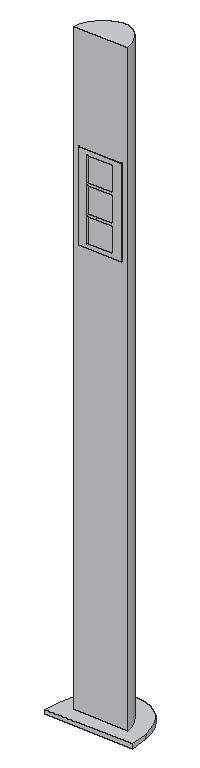
Revit family "Gira_134926", category Electrical Fixtures, host Face, Revit 2017
Family settings
  Host = Face
  Maintain Annotation Orientation = Yes
  Round Connector Dimension = Use Diameter
  Part Type = Normal
  Cut with Voids When Loaded = No
  Shared = No
  Room Calculation Point = No
Parameters (values of type "En.prof. light el. 3x empty u. 769 mm Gira energy profile c.alum.")
  Width = "0,142"
  URL = "http://katalog.gira.de/en/datenblatt.html?artikelnr=134926"
  Switching function = "None"
  Number of socket outlets = "0"
  Name = "En.prof. light el. 3x empty u. 769 mm Gira energy profile c.alum."
  Manufacturer URL = "https://www.gira.de/"
  Manufacturer = "Gira"
  Keynote = ""
  HeinzeBIM = "https://bimportal.heinze.de/bim/en-prof-light-el-3x-empty-u-769-mm-gira-energy-profile-c-alum-/a40324afa74b22731aa2fbd3ee68d81aeb4719b7"
  Height = "0,769"
  HAN = "134926"
  GTIN = "4010337349266"
  Description = "769 mm light 3x empty u. E-pro CAl,Gira energy profile,Light element, 3 empty units, height 769 mm ,colour aluminium,The Gira energy profile and light profiles for outdoor use, with and without light elements. The profiles consist of powder-coated aluminium. For profiles of up to 1400 mm, the feet elements also consist of powder-coated aluminium. For profiles of more than 1400 mm, the feet elements consist of powder-coated steel. Also in the colour anthracite in accordance with the GSB standard. The surface is is resistant to weather, UV rays, dirt and scratches.,,Notes :,- For profile heights up to 1400 mm, an optional ground anchor can be used to facilitate mounting on a stone or concrete base.,- For profile heights of more than 1400 mm, mounting on stone or concrete is only possible using 3 heavy-duty wall anchor.,- Recommendation: Mount an RCCB prior to the device."
  Depth = "0,075"
  Default Elevation = 1219.2 mm
  Data sheet (1) = "https://katalog.gira.de/en/download.html?artikelnr=134926"
  Category = "Light/energy pole"
  BIM (1) = "https://media.stage.bim.site/public/gira/36a6b08/Energiesäule_3fach.rfa?public/gira/36a6b08/Energiesäule_3fach.rfa"
  Available = "No"
Reference planes
  plane 1 "Center (Front/Back)": y = 0
  plane 2: z = 0
  plane 3 "Center (Left/Right)": x = 0
Forms (mm)
  Extrusion 1, solid, detail levels fine
    sketch origin (0, 0, 0) x (1, 0, 0) y (0, 1, 0)
      loop
        arc (-110.443, -35.525) -> (-113.205, -58.763) -> (-114.575, -82.125) r 391.9
        line (-114.575, -82.125) -> (114.575, -82.125)
        arc (114.575, -82.125) -> (113.205, -58.763) -> (110.443, -35.525) r 391.9
        spline (110.443, -35.525) -> (103.119, -6.392) -> (90.176, 19.976) -> (72.318, 42.142) -> (50.519, 58.899) -> (25.967, 69.333) -> (0, 72.875) -> (-25.967, 69.333) -> (-50.519, 58.899) -> (-72.318, 42.142) -> (-90.176, 19.976) -> (-103.119, -6.392) -> (-110.443, -35.525)
      loop
        circle (-21, -1.125) r 16
      loop
        circle (21, -1.125) r 16
    from 0 to 10
  Extrusion 2, solid, detail levels medium+fine
    sketch origin (0, 0, 0) x (1, 0, 0) y (0, 1, 0)
      loop
        line (-71.007, -44.768) -> (71.007, -44.768)
        spline (71.007, -44.768) -> (69.375, -35.583) -> (66.984, -26.66) -> (63.862, -18.098) -> (60.041, -9.991) -> (55.564, -2.426) -> (50.479, 4.513) -> (44.843, 10.75) -> (38.716, 16.217) -> (32.167, 20.856) -> (25.265, 24.614) -> (18.088, 27.45) -> (10.713, 29.335)
        spline (10.713, 29.335) -> (8.658, 29.684) -> (6.596, 29.958) -> (4.528, 30.159) -> (2.457, 30.284) -> (0.384, 30.336) -> (-1.69, 30.312) -> (-3.762, 30.214) -> (-5.831, 30.041) -> (-7.896, 29.794) -> (-9.953, 29.473) -> (-12.003, 29.077) -> (-14.042, 28.609)
        spline (-14.042, 28.609) -> (-21.069, 26.397) -> (-27.883, 23.314) -> (-34.414, 19.39) -> (-40.597, 14.666) -> (-46.369, 9.189) -> (-51.67, 3.014) -> (-56.449, -3.796) -> (-60.655, -11.171) -> (-64.247, -19.038) -> (-67.189, -27.316) -> (-69.45, -35.922) -> (-71.007, -44.768)
    from 10 to 1606
  Extrusion 3, solid, detail levels fine
    sketch origin (0, 0, 0) x (1, 0, 0) y (0, 0, 1)
      loop
        line (-56, 1332) -> (-56, 1101.5) -> (56, 1101.5) -> (56, 1332) -> (-56, 1332)
      loop
        line (33.5, 1321.55) -> (-33.5, 1321.55) -> (-33.5, 1254.55) -> (33.5, 1254.55) -> (33.5, 1321.55)
      loop
        line (33.5, 1250.25) -> (-33.5, 1250.25) -> (-33.5, 1183.25) -> (33.5, 1183.25) -> (33.5, 1250.25)
      loop
        line (33.5, 1178.95) -> (-33.5, 1178.95) -> (-33.5, 1111.95) -> (33.5, 1111.95) -> (33.5, 1178.95)
    from 44.768 to 47
  Extrusion 4, solid, detail levels coarse
    sketch origin (0, 0, 0) x (1, 0, 0) y (0, 1, 0)
      loop
        line (114.575, 72.875) -> (-114.575, 72.875) -> (-114.575, -82.125) -> (114.575, -82.125) -> (114.575, 72.875)
    from 0 to 1616
  Extrusion 5, solid, detail levels medium
    sketch origin (0, 0, 0) x (1, 0, 0) y (0, 1, 0)
      loop
        arc (-110.443, -35.525) -> (-113.205, -58.763) -> (-114.575, -82.125) r 391.9
        line (-114.575, -82.125) -> (114.575, -82.125)
        arc (114.575, -82.125) -> (113.205, -58.763) -> (110.443, -35.525) r 391.9
        spline (110.443, -35.525) -> (103.119, -6.392) -> (90.176, 19.976) -> (72.318, 42.142) -> (50.519, 58.899) -> (25.967, 69.333) -> (0, 72.875) -> (-25.967, 69.333) -> (-50.519, 58.899) -> (-72.318, 42.142) -> (-90.176, 19.976) -> (-103.119, -6.392) -> (-110.443, -35.525)
    from 0 to 10
Dimensions and locks
  aligned and locked: plane 2 to host face
  aligned and locked: level to host face
  aligned and locked: plane 3 "Center (Left/Right)" to nested 1
  aligned and locked: plane 1 "Center (Front/Back)" to nested 1
Nested families
  nested 1: "Steckdose 3-fach Beschriftung" at (0, 0, 0), type "Steckdose 3-fach Beschriftung"
Connectors
  electrical at (0, -4.625, 0)
    settings: on Extrusion 4, index 1, voltage 220 V, apparent load 0 VA, apparent load phase1 0 VA, apparent load phase2 0 VA, apparent load phase3 0 VA, power factor 1, load classification "Other", number of poles 1, system type 30, power factor state 1, is connector primary yes, connector utility no, sub classification motor no, connector description ""
Definition of nested family "Steckdose 3-fach Beschriftung"
  Reference planes
    plane 1: y = 0
    plane 2: x = 0
  Lines and regions (mm)
    detail lines
      curve 1: line (0, 0, 0) -> (0, 2, 0)
      curve 2: line (-1, 2, 0) -> (1, 2, 0)
      curve 4: arc (-1, 3, 0) -> (0, 2, 0) -> (1, 3, 0) r 1
      curve 6: line (1, 2, 0) -> (3, 2, 0)
      curve 7: arc (1, 3, 0) -> (2, 2, 0) -> (3, 3, 0) r 1
      curve 8: line (-3, 2, 0) -> (-1, 2, 0)
      curve 9: arc (-3, 3, 0) -> (-2, 2, 0) -> (-1, 3, 0) r 1
    reference lines
      curve 3: line (-1.485, 3, 0) -> (1.315, 3, 0)
      curve 5: line (0, 1, 0) -> (-1, 1, 0)
  Dimensions and locks
    curve 1 to curve 1 = 2 mm
    curve 2 to curve 2 = 2 mm
    plane 1 to curve 3 = 3 mm
